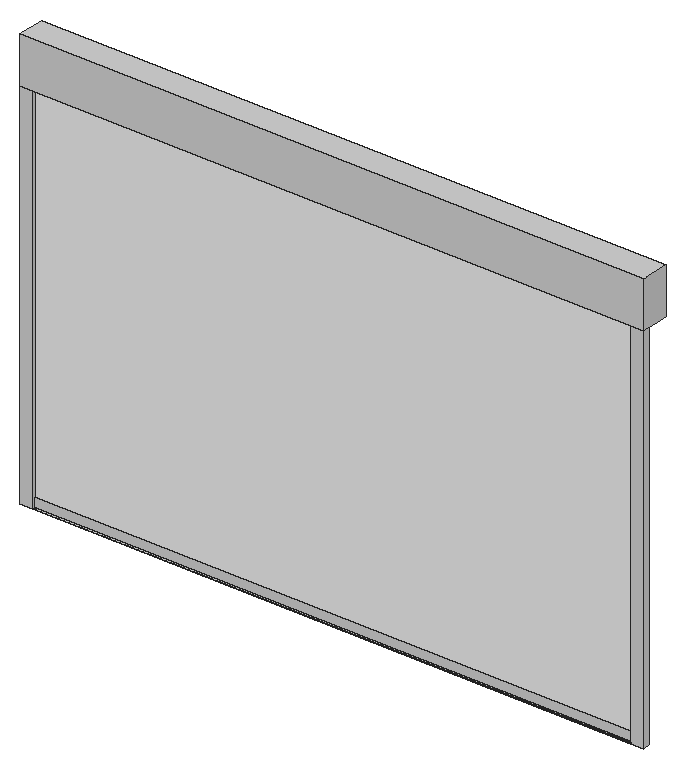
Revit family "Hose-Stream-Rated_Smoke-Fire-Curtain_DoorSystems_DSI-HS10B-Over-Under", category Doors, host Wall, Revit 2021
Family settings
  Host = Wall
  OmniClass Number = 23.30.10.21.11.11
  OmniClass Title = Rolling Fire Doors
  Always vertical = Yes
  Cut with Voids When Loaded = No
  Shared = No
  Room Calculation Point = No
Parameters (values of type "9" x 15" Head-box #1")
  Rough Width = 0' - 0"
  Rough Height = 0' - 0"
  Fire Rating = "1, 2, 3"
  Define Thermal Properties by = Schematic Type
  CLEAR OPENING WIDTH [instance] = 16' - 0"
  URL = "https://www.doorsysinc.com/"
  Specification = "https://www.arcat.com/company/door-systems-50183/spec"
  Type Model Notes [instance] = "As Specify"
  Invalid Model [instance] = no
  CURTAIN DROP HEIGHT [instance] = 10' - 0"
  Curtain Height [instance] = if(Curtain Closed, CURTAIN DROP HEIGHT, 0' 0 1/8")  # 10' - 0"
  Curtain Closed [instance] = yes
  Product Page URL = "https://www.arcat.com/arcatcos/cos50/arc50183.html"
  Mounting Method [instance] = "Per Manufactures standard"  # constant formula
  Model = "DSI-HS10B"  # constant formula
  Maximum Size [instance] = ""
  Manufacturer = "Door Systems"
  Keynote = "08 33 44"
  FrameDepth = 0' - 2"
  Frame Width = 0' - 4"
  Wall Closure = By host
  Frame Finish [instance] = Metal - Steel - Primer Finish
  Fire Performance = "UL 10B"  # constant formula
  Description = "Hose Stream Rated Smoke and Fire Curtain"  # constant formula
  CurtainDrop_Viz = yes
  Curtain Offset [instance] = 0' - 0"
  Curtain Finish [instance] = Fabric - DoorSystemsInc - Grey Smoke Curtain
  Copyright = "ARCAT 2022"  # constant formula
  CAD Details = "https://www.arcat.com/company/door-systems-50183/cad"
  Available Options [instance] = "as Specified"
  HeadBox_Height = 1' - 3"
  HeadBox_Depth = 0' - 9"
  Analytic Construction = "<None>"
Types (3): name | CURTAIN DROP HEIGHT | Curtain Height | HeadBox_Height | HeadBox_Depth
  9" x 15" Head-box #1 | 10' - 0" | 10' - 0" | 1' - 3" | 0' - 9"
  10" x 18" Head-box #2 | 16' - 0" | 16' - 0" | 1' - 6" | 0' - 10"
  12" x 21" Head-box #3 | 26' - 0" | 26' - 0" | 1' - 9" | 1' - 0"
Reference planes (in)
  plane 1 "Center (Front/Back)": y = 0
  plane 2 "Center (Left/Right)": x = 0
  plane 3 "Left": x = -100
  plane 4 "Right": x = 100
  plane 5 "Top": z = 120
  plane 6 "Exterior": y = 1
  plane 7 "Interior": y = -5
  plane 8: y = 10
  plane 9: z = 0
  plane 10: y = 3
  plane 11 "2": z = 135
  plane 12 "DoorOffset": y = 2
  plane 13: y = 1
  plane 14: y = 2
  plane 15: y = 1
  plane 16: z = 0
  plane 17: x = -96
  plane 18: x = 96
Forms (in)
  Extrusion 1, solid, material "Fabric - DoorSystemsInc - Grey Smoke Curtain" <- "Curtain Finish"
    sketch origin (0, 0, 0) x (1, 0, 0) y (0, 1, 0)
      loop
        line (-97.25, 2.07812) -> (-97.25, 1.92187) -> (97.25, 1.92187) -> (97.25, 2.07812) -> (-97.25, 2.07812)
    from 0 to 120
  Sweep 2, solid, material "Metal - Steel - Primer Finish" <- "Frame Finish"
    path origin (0, 0, 0) x (1, 0, 0) y (0, 0, 1)
      loop
        line (-100, 120) -> (100, 120)
    profile origin (0, 0, 120) x (0, 0, 1) y (0, -1, 0)
      loop
        line (15, -1) -> (0, -1) -> (0, -10) -> (15, -10) -> (15, -1)
  Sweep 3, solid, material "Metal - Steel - Primer Finish" <- "Frame Finish"
    path origin (0, 0, 0) x (1, 0, 0) y (0, 0, 1)
      loop
        line (0, 120) -> (0, 0)
    profile origin (0, 0, 60) x (0, -1, 0) y (1, 0, 0)
      loop
        line (-1, -100) -> (-1, -96) -> (-1.875, -96) -> (-1.875, -97.25) -> (-2.125, -97.25) -> (-2.125, -96) -> (-3, -96) -> (-3, -100) -> (-1, -100)
      loop
        line (-1, 100) -> (-3, 100) -> (-3, 96) -> (-2.125, 96) -> (-2.125, 97.25) -> (-1.875, 97.25) -> (-1.875, 96) -> (-1, 96) -> (-1, 100)
  Sweep 4, solid, material "Metal - Steel - Primer Finish" <- "Frame Finish", visible <- "CurtainDrop_Viz"
    path origin (0, 0, 0) x (1, 0, 0) y (0, 1, 0)
      loop
        line (96, 2) -> (-96, 2)
    profile origin (0, 2, 0) x (0, -1, 0) y (0, 0, 1)
      loop
        line (-1, 0.125) -> (-1, 0) -> (-0.07812, 0) -> (-0.07812, 3) -> (-0.20312, 3) -> (-0.20312, 0.125) -> (-1, 0.125)
      loop
        line (1, 0) -> (1, 0.125) -> (0.20313, 0.125) -> (0.20313, 3) -> (0.07813, 3) -> (0.07813, 0) -> (1, 0)
Lines and regions (in)
  Opening 1
    outline origin (-84.5, -5, 0) x (1, 0, 0) y (0, 0, 1)
      loop
        line (-15.5, 0) -> (184.5, 0) -> (184.5, 135) -> (-15.5, 135) -> (-15.5, 0)
Text (in)
  text "Exterior" at (-74.96733, 27.31104, 0), in view "Ref. Level"
  text "Interior" at (-74.96733, -25.14366, 0), in view "Ref. Level"
  text "Exterior" at (0, 40.15149, 123.01588), in view "Right"
  text "Interior" at (0, -64.39139, 123.01588), in view "Right"
  text "Interior" at (0, -31.01599, 123.00693), in view "Left"
  text "Exterior" at (0, 54.57065, 123.00693), in view "Left"
Dimensions and locks (in)
  equal spacing: plane 3 "Left", plane 2 "Center (Left/Right)", plane 4 "Right"
  "CURTAIN DROP HEIGHT": level to plane 5 "Top"
  "CLEAR OPENING WIDTH": plane 17 to plane 18
  "HeadBox_Depth": plane 8 to plane 15
  locked: Extrusion 1 sketch curve to Extrusion 1 sketch curve at 0.15625
  "HeadBox_Height": plane 5 "Top" to plane 11 "2"
  equal spacing: Extrusion 1 sketch curve, plane 12 "DoorOffset", Extrusion 1 sketch curve
  locked: plane 13 to plane 15
  "FrameDepth": plane 10 to plane 13
  "Frame Width": plane 3 "Left" to Sweep 3 sketch curve
  "Frame Width": Sweep 3 sketch curve to plane 4 "Right"
  equal spacing: plane 13, plane 14, plane 10
  locked: Sweep 3 sketch curve to Sweep 3 sketch curve at 1.25  (x2)
  equal spacing: Sweep 3 sketch curve, plane 14, Sweep 3 sketch curve
  locked: Sweep 3 sketch curve to Sweep 3 sketch curve at 0.25
  equal spacing: plane 10, plane 12 "DoorOffset", plane 13
  "Frame Width": Sweep 4 sketch curve to plane 4 "Right"
  "Frame Width": plane 3 "Left" to Sweep 4 sketch curve
  locked: Sweep 4 sketch curve to Sweep 4 sketch curve at 0.125
  "Curtain Offset": plane 6 "Exterior" to plane 13
  "Curtain Height": plane 5 "Top" to plane 16
  locked: Sweep 4 sketch curve to plane 16 at 3
  locked: Sweep 4 sketch curve to plane 16 at 0.125
  locked: plane 3 "Left" to plane 17 at 4
  locked: plane 18 to plane 4 "Right" at 4
  aligned and locked: Opening 1 sketch curve to level
  aligned and locked: plane 6 "Exterior" to host wall
  aligned and locked: host wall to plane 7 "Interior"
  aligned and locked: plane 9 to level
  aligned and locked: Extrusion 1 to plane 5 "Top"
  aligned and locked: Sweep 2 sketch curve to plane 5 "Top"
  aligned and locked: plane 4 "Right" to Sweep 2 sketch curve
  aligned and locked: plane 3 "Left" to Sweep 2 sketch curve
  aligned and locked: plane 11 "2" to Sweep 2 sketch curve
  aligned and locked: plane 8 to Sweep 2 sketch curve
  aligned and locked: plane 5 "Top" to Sweep 2 sketch curve
  aligned and locked: Sweep 3 sketch curve to plane 2 "Center (Left/Right)"
  aligned and locked: plane 9 to Sweep 3 sketch curve
  aligned and locked: plane 5 "Top" to Sweep 3 sketch curve
  aligned and locked: plane 3 "Left" to Sweep 3 sketch curve
  aligned and locked: plane 10 to Sweep 3 sketch curve  (x2)
  aligned and locked: Sweep 3 sketch curve to plane 13
  aligned and locked: plane 4 "Right" to Sweep 3 sketch curve
  aligned and locked: plane 13 to Sweep 3 sketch curve
  aligned and locked: Sweep 3 sketch curve to Sweep 3 sketch curve  (x4)
  aligned and locked: Sweep 4 sketch curve to plane 12 "DoorOffset"
  aligned and locked: Sweep 4 sketch curve to plane 10
  aligned and locked: Sweep 4 sketch curve to plane 13
  aligned and locked: Extrusion 1 to Sweep 4 sketch curve  (x2)
  aligned and locked: Sweep 4 sketch curve to Sweep 4 sketch curve
  aligned and locked: Sweep 3 to Extrusion 1 sketch curve  (x2)
  aligned and locked: plane 15 to Sweep 2 sketch curve
  aligned and locked: plane 16 to Sweep 4 sketch curve  (x2)
  aligned and locked: Extrusion 1 to plane 16
  aligned and locked: Opening 1 sketch curve to plane 3 "Left"
  aligned and locked: Opening 1 sketch curve to plane 11 "2"
  aligned and locked: Opening 1 sketch curve to plane 4 "Right"
Automatic sketch dimensions
  Sweep 4 sketch curve to Sweep 4 sketch curve = 0' - 0 1/8"
  Sweep 4 sketch curve to Sweep 4 sketch curve = 0' - 0"
